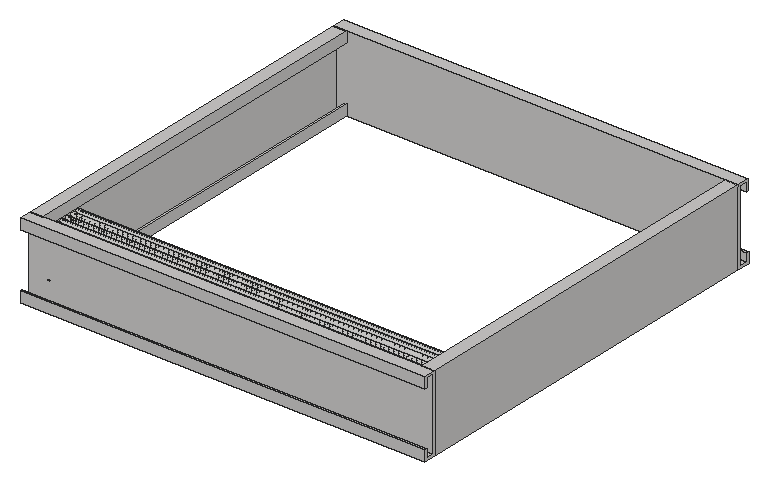
Revit family "Damper_Volume_Control-Carnes-Alum-FDHB", category Duct Accessories, host Face, Revit 2012
Parameters (values of type "FDHB")
  ecoScorecard_data = ""
  ecoScorecard Product Page = "http://ecoscorecard.com/"
  Width = 24"
  Warranty URL = "http://www.carnes.com/GeneralCatalogs/termcond.pdf"
  URL = "http://www.carnes.com/index.html"
  Subcategory = "Louvers and Dampers"  # constant formula
  Spec Sheet URL = "http://www.carnes.com/Louvers/pdf/17166.pdf"
  Product Page URL = "http://www.carnes.com/Louvers/FD.htm"
  Product Line = "Low Leakage Volume Control Dampers"  # constant formula
  Offset = 1"
  Model = "FDHB"  # constant formula
  Minimum Size = "5\"W x 4\"H"
  Maximum Vertical Size = "52\"W x 72\" (Single Section), Multi-section unlimited"
  Maximum System Velocity = 2600 FPM  # constant formula
  Maximum System Pressure = 1.00 in-wg  # constant formula
  Maximum Size Note = "Over 36” wide or 48” high, blade linkage will be modified."
  Maximum Horinzontal Size = "52\"W x 72\" (Single Section), Multi-section unlimited"
  Manufacturer Phone = "608-845-6411"  # constant formula
  Manufacturer Fax = "608-845-6470"  # constant formula
  Manufacturer Email = "mailto:carnes@carnes.com"
  Manufacturer Address = "448 S. Main St., P. O. Box 930040, Verona, WI 53593-0040"  # constant formula
  Manufacturer = "CARNES COMPANY"  # constant formula
  Installation and Maintenance URL = "http://www.carnes.com/FireDampers/pdf/40001.pdf"
  Height = 24"
  Free Area Note = "See Spec Sheet URL"  # constant formula
  Frame Material = Metal - Carnes - Steel - Galvanized
  Fire Closure Device = ""
  Duct Connector 2 = "Duct Connection 2"  # constant formula
  Duct Connector 1 = "Duct Connection 1"  # constant formula
  Description = "Low Leakage Volume Control Dampers"  # constant formula
  Depth = 4 1/2"
  Default Elevation = 0"
  Cost Info = "mailto:carnes@carnes.com"
  Catalog URL = "http://www.carnes.com/Louvers/pdf/f85-97.pdf"
  Blades Length = Actual Width - 1 1/2"  # 22 1/2"
  Blade Material = Metal - Carnes - Steel - Galvanized
  Assembly Code = "B2010300"
  Actual Width = if(Width < 6", 6", if(Width > 72", 72", Width))  # 24"
  Actual Height = if(Height < 6", 6", if(Height > 72", 72", Height))  # 24"
  95 CSI = "10200"  # constant formula
  04 CSI = "08 91 00"  # constant formula
Reference planes (in)
  plane 1 "Center (Front/Back)": y = 0
  plane 2: z = 0
  plane 3 "Center (Left/Right)": x = 0
  plane 4: x = -12
  plane 5: x = 12
  plane 6: y = 12
  plane 7: y = -12
  plane 8: y = -10.9375
  plane 9: x = -11.20993
  plane 10: x = 11.20993
  plane 11: z = -1.5
  plane 12: y = -11.47734
  plane 13: x = 10.20993
  plane 14: z = -3.375
  plane 15: z = -1
  plane 16: y = -9.48917
  plane 17: z = 0.09375
  plane 18: z = 3.5
  plane 19: z = -2.09375
  plane 20: z = -5.5
Forms (in)
  Extrusion 1, void
    sketch origin (0, 0, 0) x (1, 0, 0) y (0, 1, 0)
      loop
        line (12, -12) -> (12, 12) -> (-12, 12) -> (-12, -12) -> (12, -12)
    from 0 to -32.56442
  Sweep 2, solid, material "Metal - Carnes - Steel - Galvanized" <- "Frame Material", detail levels medium+fine
    path origin (0, -21.84066, -1) x (-1, 0, 0) y (0, -1, 0)
      loop
        line (-12, -33.09066) -> (-12, -10.59066)
    profile "Profile : Profile" origin (12, 0, -1) x (1, 0, 0) y (0, 0, 1)
      loop
        line (0, 2.25) -> (-0.75, 2.25) -> (-0.75, 1.625) -> (-0.625, 1.625) -> (-0.625, 2.125) -> (-0.125, 2.125) -> (-0.125, -2.125) -> (-0.625, -2.125) -> (-0.625, -1.625) -> (-0.75, -1.625) -> (-0.75, -2.25) -> (0, -2.25) -> (0, 2.25)
  Sweep 3, solid, material "Metal - Carnes - Steel - Galvanized" <- "Frame Material", detail levels coarse
    path origin (0, -21.84066, -1) x (-1, 0, 0) y (0, -1, 0)
      loop
        line (0, -9.84066) -> (0, -33.84066)
    profile origin (0, 0, -1) x (-1, 0, 0) y (0, 0, 1)
      loop
        line (-12, 2.25) -> (-12, -2.25) -> (12, -2.25) -> (12, 2.25) -> (-12, 2.25)
  Sweep 4, solid, material "Metal - Carnes - Steel - Galvanized" <- "Frame Material", detail levels medium+fine
    path origin (0, -21.84066, -1) x (-1, 0, 0) y (0, -1, 0)
      loop
        line (12, -33.09066) -> (12, -10.59066)
    profile "Profile : Profile" origin (-12, 0, -1) x (1, 0, 0) y (0, 0, 1)
      loop
        line (0, 2.25) -> (0, -2.25) -> (0.75, -2.25) -> (0.75, -1.625) -> (0.625, -1.625) -> (0.625, -2.125) -> (0.125, -2.125) -> (0.125, 2.125) -> (0.625, 2.125) -> (0.625, 1.625) -> (0.75, 1.625) -> (0.75, 2.25) -> (0, 2.25)
  Sweep 5, solid, material "Metal - Carnes - Steel - Galvanized" <- "Frame Material", detail levels medium+fine
    path origin (0, -21.84066, -1) x (-1, 0, 0) y (0, -1, 0)
      loop
        line (12, -9.84066) -> (-12, -9.84066)
    profile "Profile : Profile" origin (0, -12, -1) x (0, 1, 0) y (0, 0, 1)
      loop
        line (0.75, 2.25) -> (0, 2.25) -> (0, 1.625) -> (0.125, 1.625) -> (0.125, 2.125) -> (0.625, 2.125) -> (0.625, -2.125) -> (0.125, -2.125) -> (0.125, -1.625) -> (0, -1.625) -> (0, -2.25) -> (0.75, -2.25) -> (0.75, 2.25)
  Sweep 6, solid, material "Metal - Carnes - Steel - Galvanized" <- "Frame Material", detail levels medium+fine
    path origin (0, 20.34066, -1) x (1, 0, 0) y (0, 1, 0)
      loop
        line (-12, -8.34066) -> (12, -8.34066)
    profile "Profile : Profile" origin (0, 12, -1) x (0, 1, 0) y (0, 0, 1)
      loop
        line (-0.75, 2.25) -> (-0.75, -2.25) -> (0, -2.25) -> (0, -1.625) -> (-0.125, -1.625) -> (-0.125, -2.125) -> (-0.625, -2.125) -> (-0.625, 2.125) -> (-0.125, 2.125) -> (-0.125, 1.625) -> (0, 1.625) -> (0, 2.25) -> (-0.75, 2.25)
Lines and regions (in)
  symbolic lines, style "Damper"
    curve 1: line (12, 12, -1) -> (12, -12, -1)
    curve 2: line (-12, 12, -1) -> (12, 12, -1)
    curve 3: line (-12, -12, -1) -> (-12, 12, -1)
    curve 4: line (12, -12, -1) -> (-12, -12, -1)
  symbolic lines, style "Damper", detail levels medium+fine
    curve 5: line (11.25, 11, -1) -> (-11.25, 11, -1)
    curve 6: line (-11.25, 11, -1) -> (-11.25, -11.25, -1)
    curve 7: line (-12, -11.25, -1) -> (12, -11.25, -1)
    curve 8: line (11.25, -11.25, -1) -> (11.25, 11, -1)
Dimensions and locks (in)
  equal spacing: plane 7, plane 1 "Center (Front/Back)", plane 6
  equal spacing: plane 4, plane 3 "Center (Left/Right)", plane 5
  "Actual Width": plane 4 to plane 5
  "Actual Height": plane 6 to plane 7
  locked: plane 7 to plane 8 at 1.0625
  locked: plane 4 to plane 9 at 0.79007
  locked: plane 10 to plane 5 at 0.79007
  locked: plane 12 to plane 7 at 0.52266
  locked: plane 13 to plane 10 at 1
  locked: plane 14 to plane 15 at 2.375
  locked: plane 16 to plane 8 at 1.44833
  "Offset": level to plane 15
  locked: plane 17 to plane 18 at 3.40625
  locked: plane 15 to plane 17 at 1.09375
  locked: plane 15 to plane 19 at 1.09375
  locked: plane 19 to plane 20 at 3.40625
  equal spacing: Sweep 3 sketch curve, plane 3 "Center (Left/Right)", Sweep 3 sketch curve
  "Actual Width": Sweep 3 sketch curve to Sweep 3 sketch curve
  aligned and locked: plane 2 to host face
  aligned and locked: level to host face
  aligned and locked: plane 5 to Extrusion 1 sketch curve
  aligned and locked: plane 7 to Extrusion 1 sketch curve
  aligned and locked: Extrusion 1 sketch curve to plane 4
  aligned and locked: Extrusion 1 sketch curve to plane 6
  aligned and locked: Extrusion 1 to level
  aligned: nested 1 to plane 15  (x3)
  aligned: plane 12 to nested 1
  aligned and locked: plane 6 to Sweep 3 sketch curve
  aligned and locked: plane 7 to Sweep 3 sketch curve
  aligned and locked: plane 3 "Center (Left/Right)" to Sweep 3 sketch curve
  aligned and locked: curve 1 to Sweep 2
  aligned: curve 8 to Sweep 2
  aligned: nested 1 to Sweep 2
  aligned and locked: plane 4 to Sweep 4 sketch curve
  aligned and locked: Sweep 5 sketch curve to plane 7
  aligned and locked: plane 4 to Sweep 5 sketch curve
  aligned and locked: plane 5 to Sweep 5 sketch curve
  aligned and locked: Sweep 5 to Sweep 4 sketch curve
  aligned and locked: nested 1 to Sweep 5
  aligned and locked: Sweep 2 sketch curve to Sweep 5
  aligned and locked: Sweep 6 sketch curve to plane 6
  aligned and locked: plane 5 to Sweep 6 sketch curve
  aligned and locked: plane 4 to Sweep 6 sketch curve
  aligned and locked: Sweep 6 to Sweep 2 sketch curve
  aligned and locked: Sweep 4 sketch curve to Sweep 6
  aligned and locked: curve 6 to Sweep 4
  aligned and locked: curve 7 to Sweep 5
  aligned and locked: curve 8 to Sweep 2
  aligned and locked: nested 1 to Sweep 4
  aligned and locked: Sweep 3 sketch curve to Sweep 5  (x2)
  aligned and locked: nested 1 to plane 15
  aligned and locked: nested 2 to nested 1
  aligned and locked: nested 2 to plane 15
  aligned and locked: nested 3 to nested 2
  aligned and locked: nested 3 to plane 15
  aligned and locked: nested 4 to nested 3
  aligned and locked: nested 4 to plane 15
  aligned and locked: nested 5 to nested 4
  aligned and locked: nested 5 to plane 15
  aligned and locked: nested 6 to nested 5
  aligned and locked: nested 6 to plane 15
  aligned and locked: nested 7 to nested 6
  aligned and locked: nested 7 to plane 15
Automatic sketch dimensions
  host sketch curve to host sketch curve = 96"  (x2)
  Sweep 2 sketch curve to plane 5 = 0"
  curve 3 to plane 4 = 0"
  curve 3 to plane 6 = 0"
  plane 7 to curve 1 = 0"
  curve 6 to plane 6 = 1"
Nested families (in)
  nested 1: "Blade" at (0, -11.25, -2.65552), type "Blades", detail levels fine
  nested 2: "Blade" at (0, -10.85234, -2.65552), type "Blades", detail levels fine
  nested 3: "Blade" at (0, -10.45467, -2.65552), type "Blades", detail levels fine
  nested 4: "Blade" at (0, -10.05701, -2.65552), type "Blades", detail levels fine
  nested 5: "Blade" at (0, -9.65935, -2.65552), type "Blades", detail levels fine
  nested 6: "Blade" at (0, -9.26169, -2.65552), type "Blades", detail levels fine
  nested 7: "Blade" at (0, -8.86402, -2.65552), type "Blades", detail levels fine
Connectors (in)
  hvac at (0, 0, 1.25), driven by "Actual Height", driven by "Actual Width", driven by "Duct Connector 1"
    settings: on Sweep 3, index 1, duct flow 0 CFM, flow factor 0, pres drop 0.00 in-wg, loss coef 0, conn angle 0.00°, conn width 24", conn height 24", conn radius 12", duct sys type 1, conn prof type 1, flow config 0, flow direction 0, loss method 0, conn ref index 2, conn util no, is conn primary yes, conn desc "Duct Connection 1"
  hvac at (0, 0, -3.25), driven by "Actual Height", driven by "Actual Width", driven by "Duct Connector 2"
    settings: on Sweep 3, index 2, duct flow 0 CFM, flow factor 0, pres drop 0.00 in-wg, loss coef 0, conn angle 0.00°, conn width 24", conn height 24", conn radius 12", duct sys type 1, conn prof type 1, flow config 0, flow direction 0, loss method 0, conn ref index 1, conn util no, is conn primary no, conn desc "Duct Connection 2"
Definition of nested family "Blade"
  Parameters (values of type "Blades")
    Width = 22 1/2"
    Unit = Metal - Carnes - Steel - Galvanized
    Assembly Code = ""
  Reference planes (in)
    plane 1 "Center (Front/Back)": y = 0
    plane 2: z = 0
    plane 3 "Center (Left/Right)": x = 0
    plane 4: x = -11.25
    plane 5: x = 11.25
    plane 6: z = 3.25
    plane 7: z = 0.12354
    plane 8: y = 0.39766
    plane 9: z = 3.1875
    plane 10: z = 1.65552
  Forms (in)
    Extrusion 1, solid, material "Metal - Carnes - Steel - Galvanized" <- "Unit"
      sketch origin (0, 0, 0.35938) x (0, 1, 0) y (0, 0, 1)
        loop
          arc (0.23008, 2.43293) -> (0.19883, 2.82812) -> (0.16758, 2.43293) r 0.19883
          line (0.16758, 2.43293) -> (0.16758, 0.15936)
          arc (0.16758, 0.15936) -> (0.19883, -0.23583) -> (0.23008, 0.15936) r 0.19883
          line (0.23008, 0.15936) -> (0.23008, 2.43293)
        loop
          circle (0.19883, -0.037) r 0.13633
        loop
          circle (0.19883, 2.62929) r 0.13633
      from -11.25 to 11.25
  Lines and regions (in)
    symbolic lines, style "Damper"
      curve 1: line (-11.25, 0.39763, 0) -> (11.25, 0.39763, 0)
      curve 2: line (11.25, 0, 0) -> (-11.25, 0, 0)
      curve 3: line (-11.25, 0, 0) -> (-11.25, 0.39763, 0)
      curve 4: line (11.25, 0, 0) -> (11.25, 0.39763, 0)
  Dimensions and locks (in)
    equal spacing: plane 4, plane 3 "Center (Left/Right)", plane 5
    "Width": plane 4 to plane 5
    plane 6 to level = 3 1/4"  (x2)
    locked: plane 6 to plane 9 at 0.0625
    aligned and locked: level to plane 2
    aligned and locked: plane 4 to Extrusion 1
    aligned and locked: plane 5 to Extrusion 1
    aligned and locked: curve 2 to plane 1 "Center (Front/Back)"
    aligned and locked: curve 3 to plane 4
    aligned and locked: plane 5 to curve 4
  Automatic sketch dimensions
    plane 8 to curve 3 = 0.00003"
    Extrusion 1 sketch curve to Extrusion 1 sketch curve = 0"  (x5)
    Extrusion 1 sketch curve to plane 1 "Center (Front/Back)" = 0.16758"
    Extrusion 1 sketch curve to Extrusion 1 sketch curve = 1/32"
    Extrusion 1 sketch curve to plane 1 "Center (Front/Back)" = 0.19883"
    Extrusion 1 sketch curve to plane 7 = 0.19883"
    Extrusion 1 sketch curve to Extrusion 1 sketch curve = 0.19636"  (x2)
    Extrusion 1 sketch curve to plane 9 = 0.39519"
    radius of Extrusion 1 sketch curve = 0.13633"  (x2)
